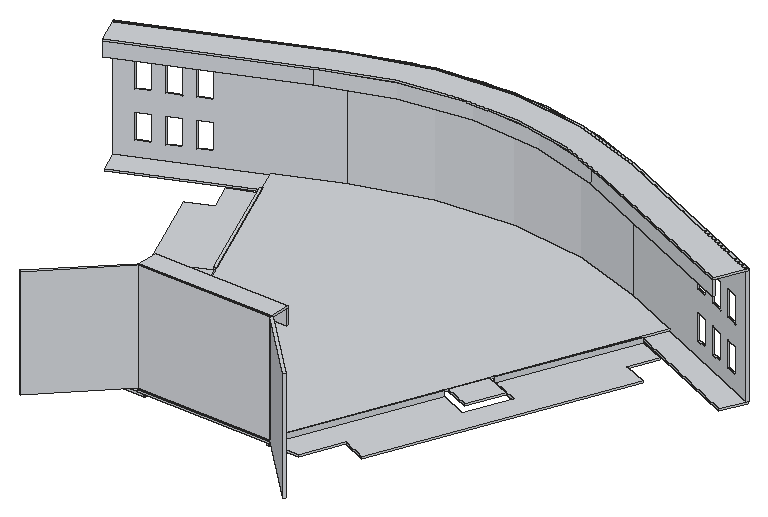
Revit family "Bogen 45 RB 45 620 FT", category Allgemeines Modell, Revit 2018
Family settings
  Kann Basisbauteil für Bewehrung sein = Nein
  Bemaßung runder Anschluss = Durchmesser verwenden
  Teiletyp = Normal
  Arbeitsebenenbasiert = Nein
  Immer vertikal = Ja
  Beim Laden mit Abzugskörper schneiden = Nein
  Gemeinsam genutzt = Nein
  Raumberechnungspunkt = Nein
Parameters (values of type "RB 45 620 FT")
  URL = "http://www.obo-bettermann.com"
  Material = none
  Manufacturer Art.No. = "7066228"
  Hersteller = "OBO Bettermann"
  GTIN = "4012196990986"
  Cut's number 2 = 3
  Cut's number = 2
  Article Type = "RB 45 620 FT"
Reference planes
  plane 1 "Center (Front/Back)": y = 0
  plane 2: z = 0
  plane 3 "Center (Left/Right)": x = 0
  plane 4: x = -66
  plane 5: x = 66
  plane 6: y = 210.37
  plane 7: y = 170
  plane 8: x = 136.42
  plane 9: x = -136.42
  plane 10: x = 136.42
  plane 11: x = -136.42
  plane 12: y = 170
  plane 13: y = 170
  plane 14: z = 1
  plane 15: z = -2.5
  plane 16: z = -1.5
  plane 17: through (108.711, 181.499, 1200) normal (0.3833, 0.9236, 0)
  plane 18: y = 9
  plane 19: x = -77.95
  plane 20: x = 77.95
  plane 21: z = -1
  plane 22: z = 64.5
  plane 23: z = 63.5
  plane 24: z = 55.67
  plane 25: x = 36
  plane 26: x = -36
  plane 27: z = 61
  plane 28: z = 60
  plane 29: z = 52
  plane 30: x = 14
  plane 31: x = -14
  plane 32: z = 15
  plane 33: x = 159.954
  plane 34: z = 40
  plane 35: x = 159.954
  plane 36: z = 15
  plane 37: x = 147.416
  plane 38: z = 40
  plane 39: x = 147.416
  plane 40: z = 15
  plane 41: x = 134.877
  plane 42: z = 40
  plane 43: x = 134.877
  plane 44: z = 15
  plane 45: x = -159.954
  plane 46: z = 40
  plane 47: x = -159.954
  plane 48: z = 15
  plane 49: x = -147.416
  plane 50: z = 40
  plane 51: x = -147.416
  plane 52: z = 15
  plane 53: x = -134.877
  plane 54: z = 40
  plane 55: x = -134.877
Forms (mm)
  Extrusion 1, solid, material <- "Material"
    sketch origin (0, 0, 0) x (1, 0, 0) y (0, 1, 0)
      loop
        line (-76.157, 195.006) -> (-108.777, 181.25) -> (-32.346, 0) -> (33.389, 0) -> (108.711, 181.499) -> (75.128, 195.436)
        arc (75.128, 195.436) -> (-0.558, 210.406) -> (-76.157, 195.006) r 196
    from 0 to 1
  Extrusion 2, solid
    sketch origin (0, 0, 0) x (1, 0, 0) y (0, 1, 0)
      loop
        line (102.962, 167.645) -> (33.389, 0) -> (34.471, 0) -> (103.885, 167.262) -> (102.962, 167.645)
    from 1 to -2.5
  Extrusion 3, solid, material <- "Material"
    sketch origin (0, 0, 0) x (1, 0, 0) y (0, 1, 0)
      loop
        line (124.538, 141.368) -> (111.607, 146.734) -> (117.74, 161.512) -> (103.885, 167.262) -> (34.471, 0) -> (50.712, 0) -> (59.477, 21.121) -> (72.408, 15.755) -> (124.538, 141.368)
    from -1.5 to -2.5
  Extrusion 4, solid
    sketch origin (0, 0, 0) x (1, 0, 0) y (0, 1, 0)
      loop
        line (-32.346, 0) -> (-102.949, 167.429) -> (-103.87, 167.04) -> (-33.431, 0) -> (-32.346, 0)
    from 1 to -2.5
  Extrusion 5, solid, material <- "Material"
    sketch origin (0, 0, 0) x (1, 0, 0) y (0, 1, 0)
      loop
        line (-103.87, 167.04) -> (-117.692, 161.212) -> (-111.475, 146.469) -> (-124.375, 141.029) -> (-71.531, 15.716) -> (-58.631, 21.155) -> (-49.71, 0) -> (-33.431, 0) -> (-103.87, 167.04)
    from -2.5 to -1.5
  Extrusion 6, void
    sketch origin (0, 0, 0) x (1, 0, 0) y (0, 1, 0)
      loop
        line (75.555, 101.606) -> (65.973, 78.515) -> (82.136, 71.807) -> (91.719, 94.898) -> (75.555, 101.606)
    from 1.219 to -2.985
  Extrusion 7, void
    sketch origin (0, 0, 0) x (1, 0, 0) y (0, 1, 0)
      loop
        line (-75.167, 101.547) -> (-91.292, 94.747) -> (-81.578, 71.712) -> (-65.453, 78.511) -> (-75.167, 101.547)
    from 1 to -2.5
  Extrusion 8, solid, material <- "Material"
    sketch origin (0, 0, 0) x (1, 0, 0) y (0, 1, 0)
      loop
        line (74.597, 99.297) -> (66.931, 80.824) -> (80.785, 75.075) -> (88.452, 93.547) -> (74.597, 99.297)
    from 1 to -0.041
  Extrusion 9, solid, material <- "Material"
    sketch origin (0, 0, 0) x (1, 0, 0) y (0, 1, 0)
      loop
        line (-74.196, 99.243) -> (-88.017, 93.415) -> (-80.246, 74.987) -> (-66.425, 80.815) -> (-74.196, 99.243)
    from 1 to 0
  Extrusion 10, void
    sketch origin (0, 0, 0) x (1, 0, 0) y (0, 1, 0)
      loop
        line (-3.5, 14) -> (-3.5, 4) -> (3.5, 4) -> (3.5, 14) -> (-3.5, 14)
    from 1 to -1
  Extrusion 11, solid, material <- "Material"
    sketch origin (0, 0, 0) x (1, 0, 0) y (0, 1, 0)
      loop
        line (-78.075, 194.185) -> (-172.55, 153.156) -> (-166.974, 140.314) -> (-72.498, 181.344)
        arc (-72.498, 181.344) -> (-0.063, 196.407) -> (72.382, 181.394) r 182
        line (72.382, 181.394) -> (166.886, 140.431) -> (172.454, 153.276) -> (77.95, 194.239)
        arc (77.95, 194.239) -> (-0.068, 210.407) -> (-78.075, 194.185) r 196
    from 0 to -1
  Extrusion 12, solid, material <- "Material"
    sketch origin (0, 0, 0) x (1, 0, 0) y (0, 1, 0)
      loop
        line (-172.55, 153.234) -> (-172.153, 152.316) -> (-77.677, 193.267)
        arc (-77.677, 193.267) -> (0, 209.378) -> (77.677, 193.267) r 195.314
        line (77.677, 193.267) -> (172.056, 152.358) -> (172.454, 153.276) -> (78.075, 194.185)
        arc (78.075, 194.185) -> (0, 210.378) -> (-78.075, 194.185) r 196.314
        line (-78.075, 194.185) -> (-172.55, 153.234)
    from -0.041 to 64.5
  Extrusion 13, solid, material <- "Material"
    sketch origin (0, 0, 0) x (1, 0, 0) y (0, 1, 0)
      loop
        line (-172.579, 153.3) -> (-165.807, 137.677) -> (-76.195, 176.52)
        arc (-76.195, 176.52) -> (-0.563, 193.376) -> (75.158, 176.921) r 180.253
        line (75.158, 176.921) -> (165.693, 137.678) -> (172.454, 153.276) -> (83.144, 191.988)
        arc (83.144, 191.988) -> (-0.007, 210.404) -> (-83.173, 192.053) r 197.281
        line (-83.173, 192.053) -> (-172.579, 153.3)
    from 63.5 to 64.5
  Extrusion 14, solid
    sketch origin (0, 0, 0) x (1, 0, 0) y (0, 1, 0)
      loop
        line (-165.807, 137.677) -> (-81.149, 174.373)
        arc (-81.149, 174.373) -> (-9.269, 193.142) -> (64.141, 181.746) r 182.724
        line (64.141, 181.746) -> (165.693, 137.678) -> (166.091, 138.595) -> (64.516, 182.673)
        arc (64.516, 182.673) -> (-9.295, 194.142) -> (-81.57, 175.28) r 183.723
        line (-81.57, 175.28) -> (-166.205, 138.594) -> (-165.807, 137.677)
    from 63.5 to 55.67
  Extrusion 15, solid, material <- "Material"
    sketch origin (0, 0, 0) x (1, 0, 0) y (0, 1, 0)
      loop
        line (-36, 0) -> (-36, -1) -> (36, -1) -> (36, 0) -> (-36, 0)
    from 61 to 1
  Extrusion 16, solid, material <- "Material"
    sketch origin (0, 0, 0) x (1, 0, 0) y (0, 1, 0)
      loop
        line (36, -1) -> (71.355, -36.355) -> (72.062, -35.648) -> (36.707, -0.293) -> (36, -1)
      loop
        line (-36, -1) -> (-36.707, -0.293) -> (-72.062, -35.648) -> (-71.355, -36.355) -> (-36, -1)
    from 61 to 1
  Extrusion 17, solid, material <- "Material"
    sketch origin (0, 0, 0) x (1, 0, 0) y (0, 1, 0)
      loop
        line (-36, 0) -> (36, 0) -> (36, 11) -> (-36, 11) -> (-36, 0)
    from 60 to 61
  Extrusion 18, solid
    sketch origin (0, 0, 0) x (1, 0, 0) y (0, 1, 0)
      loop
        line (-36, 11) -> (-36, 10) -> (36, 10) -> (36, 11) -> (-36, 11)
    from 60 to 52
  Extrusion 19, solid, material <- "Material"
    sketch origin (0, 0, 0) x (1, 0, 0) y (0, 1, 0)
      loop
        line (-36, -1) -> (36, -1) -> (14, 19) -> (-14, 19) -> (-36, -1)
    from 0 to -1
  Extrusion 20, void
    sketch origin (0, 0, 0) x (1, 0, 0) y (0, 0, 1)
      loop
        line (156.454, 22) -> (156.454, 8) -> (163.454, 8) -> (163.454, 22) -> (156.454, 22)
    from -141.029 to -182.673
  Extrusion 21, void
    sketch origin (0, 0, 25) x (1, 0, 0) y (0, 0, 1)
      loop
        line (156.454, 22) -> (156.454, 8) -> (163.454, 8) -> (163.454, 22) -> (156.454, 22)
    from -141.029 to -182.673
  Extrusion 22, void
    sketch origin (-12.538, 0, 0) x (1, 0, 0) y (0, 0, 1)
      loop
        line (156.454, 22) -> (156.454, 8) -> (163.454, 8) -> (163.454, 22) -> (156.454, 22)
    from -141.029 to -182.673
  Extrusion 23, void
    sketch origin (-12.538, 0, 25) x (1, 0, 0) y (0, 0, 1)
      loop
        line (156.454, 22) -> (156.454, 8) -> (163.454, 8) -> (163.454, 22) -> (156.454, 22)
    from -141.029 to -182.673
  Extrusion 24, void
    sketch origin (-25.076, 0, 0) x (1, 0, 0) y (0, 0, 1)
      loop
        line (156.454, 22) -> (156.454, 8) -> (163.454, 8) -> (163.454, 22) -> (156.454, 22)
    from -141.029 to -182.673
  Extrusion 25, void
    sketch origin (-25.076, 0, 25) x (1, 0, 0) y (0, 0, 1)
      loop
        line (156.454, 22) -> (156.454, 8) -> (163.454, 8) -> (163.454, 22) -> (156.454, 22)
    from -141.029 to -182.673
  Extrusion 26, void
    sketch origin (0, 0, 0) x (-1, 0, 0) y (0, 0, -1)
      loop
        line (156.454, -22) -> (163.454, -22) -> (163.454, -8) -> (156.454, -8) -> (156.454, -22)
    from -141.029 to -182.673
  Extrusion 27, void
    sketch origin (0, 0, 25) x (-1, 0, 0) y (0, 0, -1)
      loop
        line (156.454, -22) -> (163.454, -22) -> (163.454, -8) -> (156.454, -8) -> (156.454, -22)
    from -141.029 to -182.673
  Extrusion 28, void
    sketch origin (12.538, 0, 0) x (-1, 0, 0) y (0, 0, -1)
      loop
        line (156.454, -22) -> (163.454, -22) -> (163.454, -8) -> (156.454, -8) -> (156.454, -22)
    from -141.029 to -182.673
  Extrusion 29, void
    sketch origin (12.538, 0, 25) x (-1, 0, 0) y (0, 0, -1)
      loop
        line (156.454, -22) -> (163.454, -22) -> (163.454, -8) -> (156.454, -8) -> (156.454, -22)
    from -141.029 to -182.673
  Extrusion 30, void
    sketch origin (25.076, 0, 0) x (-1, 0, 0) y (0, 0, -1)
      loop
        line (156.454, -22) -> (163.454, -22) -> (163.454, -8) -> (156.454, -8) -> (156.454, -22)
    from -141.029 to -182.673
  Extrusion 31, void
    sketch origin (25.076, 0, 25) x (-1, 0, 0) y (0, 0, -1)
      loop
        line (156.454, -22) -> (163.454, -22) -> (163.454, -8) -> (156.454, -8) -> (156.454, -22)
    from -141.029 to -182.673
  Extrusion 32, void
    sketch origin (0, 0, 0) x (1, 0, 0) y (0, 1, 0)
      loop
        line (-3.5, 14) -> (-3.5, 4) -> (3.5, 4) -> (3.5, 14) -> (-3.5, 14)
    from 1 to -1
Cuts and joins
  Extrusion 6 cuts Extrusion 2
  Extrusion 6 cuts Extrusion 3
  Extrusion 7 cuts Extrusion 4
  Extrusion 7 cuts Extrusion 5
  Extrusion 10 cuts Extrusion 1
  Extrusion 20, Extrusion 21, Extrusion 22, Extrusion 23, Extrusion 24, Extrusion 25, Extrusion 26, Extrusion 27, Extrusion 28, Extrusion 29, Extrusion 30, Extrusion 31 cuts Extrusion 12
  Extrusion 32 cuts Extrusion 19
Dimensions and locks
  locked: plane 4 to plane 3 "Center (Left/Right)" at 66
  locked: plane 4 to plane 5 at 132
  locked: plane 1 "Center (Front/Back)" to plane 6 at 210.37
  locked: Extrusion 1 sketch curve to Extrusion 1 sketch curve at 210.407
  locked: Extrusion 1 sketch curve to Extrusion 1 sketch curve at 217.489
  locked: Extrusion 1 sketch curve to Extrusion 1 sketch curve at 65.734
  locked: Extrusion 1 sketch curve to Extrusion 1 sketch curve at 196.508
  locked: Extrusion 1 sketch curve to Extrusion 1 sketch curve at 196.706
  locked: plane 14 to level at 1
  locked: Extrusion 2 sketch curve to Extrusion 1 at 1
  locked: Extrusion 1 to plane 15 at 3.5
  locked: Extrusion 1 to Extrusion 3 sketch curve at 31
  locked: Extrusion 3 sketch curve to Extrusion 3 sketch curve at 16
  locked: Extrusion 3 sketch curve to Extrusion 3 sketch curve at 136
  locked: Extrusion 2 to Extrusion 3 sketch curve at 29
  Extrusion 2 to Extrusion 3 sketch curve = 30 mm
  locked: Extrusion 3 sketch curve to Extrusion 3 sketch curve at 14
  locked: plane 16 to Extrusion 3 at 1
  locked: Extrusion 4 sketch curve to Extrusion 1 at 1
  locked: Extrusion 5 sketch curve to Extrusion 4 at 29
  Extrusion 5 sketch curve to Extrusion 4 = 30 mm
  locked: Extrusion 5 sketch curve to Extrusion 5 sketch curve at 14
  locked: Extrusion 5 sketch curve to Extrusion 5 sketch curve at 136
  locked: Extrusion 5 sketch curve to Extrusion 5 sketch curve at 16
  locked: Extrusion 1 to Extrusion 5 sketch curve at 31
  locked: Extrusion 5 sketch curve to Extrusion 5 sketch curve at 15.716
  locked: Extrusion 2 to Extrusion 6 sketch curve at 17.5
  locked: Extrusion 6 sketch curve to Extrusion 6 sketch curve at 25
  locked: Extrusion 2 to Extrusion 3 at 30
  locked: Extrusion 6 sketch curve to Extrusion 3 at 71.5
  locked: Extrusion 7 sketch curve to Extrusion 4 at 17.5
  locked: Extrusion 4 to Extrusion 4 at 1
  locked: Extrusion 7 sketch curve to Extrusion 7 sketch curve at 25
  locked: Extrusion 5 to Extrusion 7 sketch curve at 55.5
  locked: Extrusion 8 sketch curve to Extrusion 8 sketch curve at 20
  locked: Extrusion 8 sketch curve to Extrusion 1 at 15
  locked: Extrusion 8 sketch curve to cut or joined group of Extrusion 3, Extrusion 6 at 2.5
  locked: cut or joined group of Extrusion 3, Extrusion 6 to Extrusion 8 sketch curve at 2.5
  locked: cut or joined group of Extrusion 5, Extrusion 7 to Extrusion 9 sketch curve at 2.5
  locked: Extrusion 9 sketch curve to cut or joined group of Extrusion 5, Extrusion 7 at 2.5
  locked: Extrusion 9 sketch curve to Extrusion 1 at 15
  locked: Extrusion 9 sketch curve to Extrusion 9 sketch curve at 20
  locked: cut or joined group of Extrusion 5, Extrusion 7 to Extrusion 1 at 30
  locked: Extrusion 10 sketch curve to Extrusion 10 sketch curve at 7
  locked: plane 3 "Center (Left/Right)" to Extrusion 10 sketch curve at 3.5
  locked: Extrusion 10 sketch curve to Extrusion 10 sketch curve at 10
  locked: plane 18 to Extrusion 10 sketch curve at 5
  locked: Extrusion 11 sketch curve to Extrusion 11 sketch curve at 103  (x2)
  locked: Extrusion 11 sketch curve to Extrusion 11 sketch curve at 333.86
  locked: Extrusion 11 sketch curve to Extrusion 11 sketch curve at 14  (x2)
  locked: cut or joined group of Extrusion 1, Extrusion 10 to cut or joined group of Extrusion 1, Extrusion 10 at 210.407
  locked: cut or joined group of Extrusion 1, Extrusion 10 to Extrusion 11 sketch curve at 196.407
  locked: Extrusion 12 sketch curve to Extrusion 12 sketch curve at 344.209
  locked: Extrusion 11 to Extrusion 12 sketch curve at 1
  locked: cut or joined group of Extrusion 1, Extrusion 10 to plane 22 at 64.5
  locked: Extrusion 13 sketch curve to Extrusion 13 sketch curve at 331.5
  locked: Extrusion 12 to Extrusion 13 sketch curve at 16.956
  locked: Extrusion 13 sketch curve to cut or joined group of Extrusion 1, Extrusion 10 at 178.939
  locked: Extrusion 13 to Extrusion 13 at 1
  locked: Extrusion 13 to Extrusion 14 sketch curve at 1
  locked: Extrusion 14 sketch curve to Extrusion 14 sketch curve at 331.5
  locked: cut or joined group of Extrusion 1, Extrusion 10 to Extrusion 14 sketch curve at 194.377
  locked: cut or joined group of Extrusion 1, Extrusion 10 to Extrusion 13 at 193.376
  locked: Extrusion 13 to plane 24 at 8.83
  plane 3 "Center (Left/Right)" to Extrusion 15 sketch curve = 36 mm
  locked: Extrusion 15 sketch curve to Extrusion 15 sketch curve at 72
  locked: Extrusion 15 sketch curve to cut or joined group of Extrusion 1, Extrusion 10 at 1
  locked: Extrusion 15 to Extrusion 15 at 72
  locked: Extrusion 16 sketch curve to Extrusion 16 sketch curve at 50  (x2)
  locked: Extrusion 16 sketch curve to Extrusion 16 sketch curve at 1  (x2)
  locked: Extrusion 16 sketch curve to Extrusion 16 sketch curve at 73.414
  locked: plane 27 to Extrusion 15 at 60
  locked: Extrusion 15 to Extrusion 17 sketch curve at 12
  locked: Extrusion 17 sketch curve to Extrusion 17 sketch curve at 72
  locked: Extrusion 17 to plane 28 at 1
  locked: Extrusion 17 to Extrusion 18 sketch curve at 1
  locked: Extrusion 17 to Extrusion 17 at 72
  locked: Extrusion 17 to plane 29 at 9
  locked: Extrusion 15 to Extrusion 19 sketch curve at 20
  locked: Extrusion 19 sketch curve to Extrusion 19 sketch curve at 28
  locked: Extrusion 19 sketch curve to Extrusion 19 sketch curve at 72
  locked: Extrusion 20 sketch curve to Extrusion 20 sketch curve at 14
  locked: plane 32 to Extrusion 20 sketch curve at 7
  locked: Extrusion 20 sketch curve to Extrusion 20 sketch curve at 7
  locked: plane 33 to Extrusion 20 sketch curve at 3.5
  locked: Extrusion 21 sketch curve to Extrusion 21 sketch curve at 14
  locked: plane 34 to Extrusion 21 sketch curve at 7
  locked: Extrusion 21 sketch curve to Extrusion 21 sketch curve at 7
  locked: plane 35 to Extrusion 21 sketch curve at 3.5
  locked: Extrusion 22 sketch curve to Extrusion 22 sketch curve at 14
  locked: plane 36 to Extrusion 22 sketch curve at 7
  locked: Extrusion 22 sketch curve to Extrusion 22 sketch curve at 7
  locked: plane 37 to Extrusion 22 sketch curve at 3.5
  locked: Extrusion 23 sketch curve to Extrusion 23 sketch curve at 14
  locked: plane 38 to Extrusion 23 sketch curve at 7
  locked: Extrusion 23 sketch curve to Extrusion 23 sketch curve at 7
  locked: plane 39 to Extrusion 23 sketch curve at 3.5
  locked: Extrusion 24 sketch curve to Extrusion 24 sketch curve at 14
  locked: plane 40 to Extrusion 24 sketch curve at 7
  locked: Extrusion 24 sketch curve to Extrusion 24 sketch curve at 7
  locked: plane 41 to Extrusion 24 sketch curve at 3.5
  locked: Extrusion 25 sketch curve to Extrusion 25 sketch curve at 14
  locked: plane 42 to Extrusion 25 sketch curve at 7
  locked: Extrusion 25 sketch curve to Extrusion 25 sketch curve at 7
  locked: plane 43 to Extrusion 25 sketch curve at 3.5
  locked: Extrusion 26 sketch curve to Extrusion 26 sketch curve at 14
  locked: Extrusion 26 sketch curve to plane 44 at 7
  locked: Extrusion 26 sketch curve to Extrusion 26 sketch curve at 7
  locked: plane 45 to Extrusion 26 sketch curve at 3.5
  locked: Extrusion 27 sketch curve to Extrusion 27 sketch curve at 14
  locked: Extrusion 27 sketch curve to plane 46 at 7
  locked: Extrusion 27 sketch curve to Extrusion 27 sketch curve at 7
  locked: plane 47 to Extrusion 27 sketch curve at 3.5
  locked: Extrusion 28 sketch curve to Extrusion 28 sketch curve at 14
  locked: Extrusion 28 sketch curve to plane 48 at 7
  locked: Extrusion 28 sketch curve to Extrusion 28 sketch curve at 7
  locked: plane 49 to Extrusion 28 sketch curve at 3.5
  locked: Extrusion 29 sketch curve to Extrusion 29 sketch curve at 14
  locked: Extrusion 29 sketch curve to plane 50 at 7
  locked: Extrusion 29 sketch curve to Extrusion 29 sketch curve at 7
  locked: plane 51 to Extrusion 29 sketch curve at 3.5
  locked: Extrusion 30 sketch curve to Extrusion 30 sketch curve at 14
  locked: Extrusion 30 sketch curve to plane 52 at 7
  locked: Extrusion 30 sketch curve to Extrusion 30 sketch curve at 7
  locked: plane 53 to Extrusion 30 sketch curve at 3.5
  locked: Extrusion 31 sketch curve to Extrusion 31 sketch curve at 14
  locked: plane 54 to Extrusion 31 sketch curve at 7
  locked: Extrusion 31 sketch curve to Extrusion 31 sketch curve at 7
  locked: plane 55 to Extrusion 31 sketch curve at 3.5
  angle Extrusion 16 sketch curve to plane 3 "Center (Left/Right)" to Extrusion 16 sketch curve = 45.00° locked, 45.00° locked
  aligned and locked: level to plane 2
  aligned and locked: plane 10 to plane 8
  aligned and locked: plane 11 to plane 9
  aligned and locked: plane 12 to plane 7
  aligned and locked: plane 13 to plane 7
  aligned and locked: Extrusion 1 to level
  aligned and locked: Extrusion 1 to plane 14
  aligned and locked: Extrusion 2 to plane 15
  aligned and locked: Extrusion 1 to Extrusion 2
  aligned and locked: Extrusion 2 to Extrusion 3 sketch curve
  aligned and locked: Extrusion 3 to Extrusion 2  (x2)
  aligned and locked: Extrusion 3 to plane 16
  aligned and locked: Extrusion 4 to Extrusion 1
  aligned and locked: Extrusion 1 to Extrusion 4
  aligned and locked: Extrusion 4 to Extrusion 2
  aligned and locked: Extrusion 4 to Extrusion 5 sketch curve
  aligned and locked: Extrusion 5 sketch curve to Extrusion 5 sketch curve
  aligned and locked: Extrusion 3 to Extrusion 5
  aligned and locked: Extrusion 5 to Extrusion 2
  aligned and locked: Extrusion 6 sketch curve to Extrusion 1
  aligned and locked: Extrusion 1 to Extrusion 7
  aligned and locked: Extrusion 4 to Extrusion 7
  aligned and locked: Extrusion 1 to Extrusion 8
  aligned and locked: Extrusion 8 to Extrusion 1
  aligned and locked: Extrusion 1 to Extrusion 9 sketch curve
  aligned and locked: Extrusion 1 to Extrusion 9
  aligned and locked: Extrusion 9 to level
  aligned and locked: Extrusion 11 to cut or joined group of Extrusion 1, Extrusion 10
  aligned and locked: Extrusion 11 to plane 21
  aligned and locked: level to Extrusion 11
  aligned and locked: Extrusion 4 to cut or joined group of Extrusion 5, Extrusion 7
  aligned and locked: cut or joined group of Extrusion 3, Extrusion 6 to Extrusion 2
  aligned and locked: Extrusion 12 sketch curve to Extrusion 11
  aligned and locked: Extrusion 11 to Extrusion 12
  aligned and locked: Extrusion 12 to Extrusion 8
  aligned and locked: plane 22 to Extrusion 12
  aligned and locked: Extrusion 11 to Extrusion 13 sketch curve
  aligned and locked: Extrusion 13 sketch curve to Extrusion 12
  aligned and locked: Extrusion 13 sketch curve to Extrusion 11
  aligned and locked: Extrusion 13 to Extrusion 11
  aligned and locked: Extrusion 12 to Extrusion 11
  aligned and locked: Extrusion 13 to plane 23
  aligned and locked: Extrusion 13 to Extrusion 14 sketch curve
  aligned and locked: Extrusion 14 to Extrusion 13
  aligned and locked: Extrusion 14 to plane 24
  aligned and locked: plane 1 "Center (Front/Back)" to Extrusion 15 sketch curve
  aligned and locked: plane 1 "Center (Front/Back)" to Extrusion 1
  aligned and locked: Extrusion 15 to cut or joined group of Extrusion 2, Extrusion 6
  aligned and locked: Extrusion 16 to cut or joined group of Extrusion 2, Extrusion 6
  aligned and locked: plane 27 to Extrusion 15
  aligned and locked: Extrusion 16 to Extrusion 15
  aligned and locked: plane 1 "Center (Front/Back)" to Extrusion 17 sketch curve
  aligned and locked: Extrusion 17 to plane 28
  aligned and locked: Extrusion 18 sketch curve to Extrusion 17  (x2)
  aligned and locked: Extrusion 15 to Extrusion 18
  aligned and locked: Extrusion 18 to Extrusion 15
  aligned and locked: Extrusion 18 to plane 29
  aligned and locked: Extrusion 18 to Extrusion 17
  aligned and locked: Extrusion 11 to Extrusion 19
  aligned and locked: Extrusion 11 to Extrusion 10
  aligned and locked: Extrusion 1 to Extrusion 10
  aligned and locked: Extrusion 14 to Extrusion 20
  aligned and locked: Extrusion 20 to cut or joined group of Extrusion 5, Extrusion 7
  aligned and locked: Extrusion 32 sketch curve to cut or joined group of Extrusion 1, Extrusion 10  (x4)
  aligned and locked: cut or joined group of Extrusion 2, Extrusion 6 to Extrusion 32
  aligned and locked: Extrusion 11 to Extrusion 32
Automatic sketch dimensions
  plane 1 "Center (Front/Back)" to Extrusion 1 sketch curve = 0 mm
  Extrusion 1 sketch curve to plane 3 "Center (Left/Right)" = 0 mm
  Extrusion 1 sketch curve to plane 3 "Center (Left/Right)" = 32.346 mm
  plane 1 "Center (Front/Back)" to Extrusion 2 sketch curve = 0 mm
  Extrusion 2 sketch curve to Extrusion 2 sketch curve = 1.083 mm
  plane 3 "Center (Left/Right)" to Extrusion 2 sketch curve = 102.962 mm
  plane 1 "Center (Front/Back)" to Extrusion 3 sketch curve = 0 mm
  Extrusion 3 sketch curve to Extrusion 3 sketch curve = 12.931 mm
  plane 1 "Center (Front/Back)" to Extrusion 4 sketch curve = 0 mm
  Extrusion 4 sketch curve to plane 3 "Center (Left/Right)" = 102.949 mm
  Extrusion 4 sketch curve to Extrusion 4 sketch curve = 0.921 mm
  Extrusion 7 sketch curve to Extrusion 7 sketch curve = 16.125 mm
  Extrusion 8 sketch curve to Extrusion 8 sketch curve = 13.854 mm
  Extrusion 11 sketch curve to Extrusion 11 sketch curve = 0 mm  (x2)
  Extrusion 11 sketch curve to plane 3 "Center (Left/Right)" = 0 mm
  Extrusion 11 sketch curve to plane 20 = 0 mm
  plane 19 to Extrusion 11 sketch curve = 5.452 mm
  Extrusion 11 sketch curve to plane 19 = 0.125 mm
  Extrusion 11 sketch curve to plane 19 = 89.024 mm
  Extrusion 11 sketch curve to plane 20 = 5.568 mm
  Extrusion 11 sketch curve to plane 1 "Center (Front/Back)" = 14.407 mm
  Extrusion 12 sketch curve to Extrusion 12 sketch curve = 0 mm  (x2)
  plane 3 "Center (Left/Right)" to Extrusion 12 sketch curve = 78.075 mm
  Extrusion 12 sketch curve to plane 1 "Center (Front/Back)" = 193.267 mm
  plane 3 "Center (Left/Right)" to Extrusion 12 sketch curve = 0 mm
  Extrusion 12 sketch curve to plane 3 "Center (Left/Right)" = 77.677 mm
  Extrusion 13 sketch curve to Extrusion 13 sketch curve = 0 mm  (x2)
  Extrusion 13 sketch curve to plane 1 "Center (Front/Back)" = 153.3 mm
  Extrusion 13 sketch curve to plane 3 "Center (Left/Right)" = 83.173 mm
  Extrusion 13 sketch curve to Extrusion 13 sketch curve = 6.978 mm
  Extrusion 13 sketch curve to plane 3 "Center (Left/Right)" = 0.085 mm
  Extrusion 13 sketch curve to plane 1 "Center (Front/Back)" = 176.921 mm
  Extrusion 14 sketch curve to plane 1 "Center (Front/Back)" = 137.677 mm
  Extrusion 14 sketch curve to plane 3 "Center (Left/Right)" = 81.57 mm
  Extrusion 14 sketch curve to Extrusion 14 sketch curve = 0.421 mm
  Extrusion 14 sketch curve to plane 3 "Center (Left/Right)" = 0.008 mm
  Extrusion 14 sketch curve to Extrusion 14 sketch curve = 0 mm  (x2)
  plane 3 "Center (Left/Right)" to Extrusion 14 sketch curve = 64.141 mm
  Extrusion 14 sketch curve to Extrusion 14 sketch curve = 0.375 mm
  Extrusion 14 sketch curve to plane 1 "Center (Front/Back)" = 138.595 mm
  Extrusion 14 sketch curve to Extrusion 14 sketch curve = 0.398 mm
  plane 1 "Center (Front/Back)" to Extrusion 16 sketch curve = 35.648 mm
  Extrusion 16 sketch curve to plane 3 "Center (Left/Right)" = 72.062 mm
  plane 1 "Center (Front/Back)" to Extrusion 16 sketch curve = 36.355 mm
  Extrusion 17 sketch curve to plane 3 "Center (Left/Right)" = 36 mm
  Extrusion 18 sketch curve to Extrusion 18 sketch curve = 1 mm
  Extrusion 19 sketch curve to plane 31 = 0 mm
  plane 1 "Center (Front/Back)" to Extrusion 19 sketch curve = 1 mm
  Extrusion 19 sketch curve to plane 31 = 22 mm
